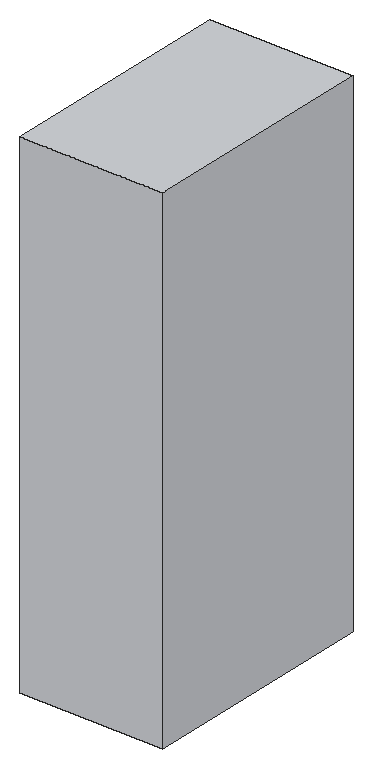
Revit family "SB13_RTU機櫃_600x1000x2100", category 電氣設備, Revit 2025
Family settings
  面板規劃 = 兩欄，回路穿越
  圓形接點標註 = 使用直徑
  組件類型 = 分電盤
  OmniClass 編號 = 23.80.30.11.17
  OmniClass 標題 = Distribution Boards and Control Panels
  以工作平面為基礎 = 否
  總是垂直 = 是
  載入時使用空心切割 = 否
  維持標註方位 = 否
  共用 = 否
  房間計算點 = 否
Parameters (values of type "RTU 與網路機櫃")
  built-in parameter 1155100 [instance] = -1
  Default Elevation = 0 mm
  built-in parameter 1140142 [instance] = -1
  SCADA_高mm [instance] = "2100"
  SCADA_附錄F項次 [instance] = "16"
  SCADA_附錄D項次 [instance] = "7"
  SCADA_編號 [instance] = "SB13-COMS-RTU-01"
  SCADA_站點 [instance] = "SB13"
  SCADA_深mm [instance] = "1000"
  SCADA_機櫃類型 [instance] = "RTU 與網路機櫃"
  SCADA_期別 [instance] = "第一期"
  SCADA_房間 [instance] = "COMS/SCADA 設備室"
  SCADA_建物 [instance] = "車站"
  SCADA_尺寸 [instance] = "600W×1000D×2100H"
  SCADA_寬mm [instance] = "600"
  SCADA_定位來源 [instance] = "獨立設備族群（載入專案後定位）"
  SCADA_備註 [instance] = ""
  SCADA_來源文件 [instance] = "Installation SoW_V6（Rev.006, 2026-07-02）附錄 D / F；依原文顏色標示排除已刪除項目"
  SCADA_UPS電源110V [instance] = "雙 UPS 電源（2×4500VA）"
  built-in parameter 1140140 [instance] = 1 (stored number, unit not read)
Reference planes
  plane 1 "中心 (前/後)": y = 0
  plane 2: z = 0
  plane 3 "中心 (左/右)": x = 0
Forms (mm)
  Extrusion 1, solid
    sketch origin (0, 0, 0) x (1, 0, 0) y (0, 1, 0)
      loop
        line (-300, -500) -> (300, -500) -> (300, 500) -> (-300, 500) -> (-300, -500)
    from 0 to 2100
Lines and regions (mm)
  model lines, style "開門線"
    curve 1: line (300, -500, 0) -> (300, -1100, 0)
    curve 2: arc (-300, -500, 0) -> (-124.264, -924.264, 0) -> (300, -1100, 0) r 600
    curve 3: line (-300, 500, 0) -> (-300, 1100, 0)
    curve 4: arc (300, 500, 0) -> (124.264, 924.264, 0) -> (-300, 1100, 0) r 600
Dimensions and locks
  aligned and locked: level to plane 2
